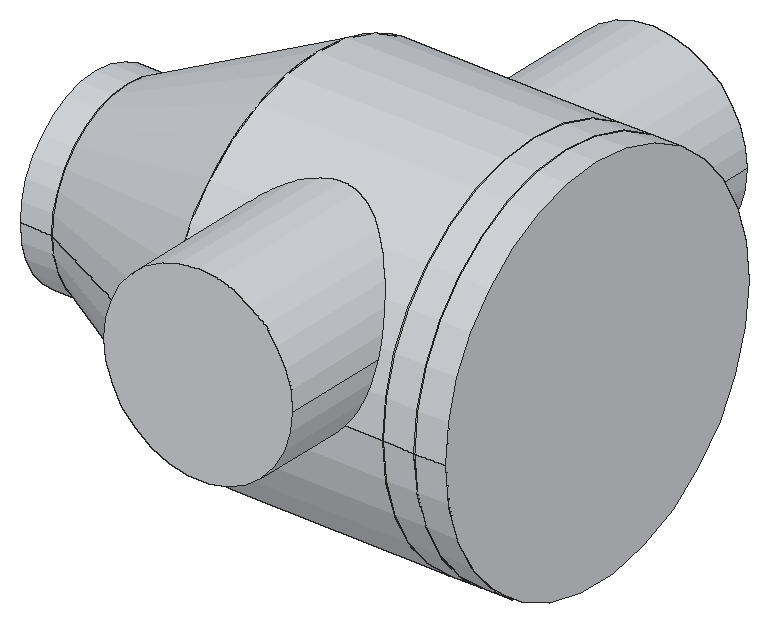
Revit family "M_Round Transition Lateral Cross - 180 Degree - DTL", category Duct Fittings, Revit 2014
Parameters (values of type "Standard")
  Tap 2 Visibility [instance] = not(Tap 2 Offset From Center = 0 mm)  # yes
  Tap 1 Visibility [instance] = not(Tap 1 Offset From Center = 0 mm)  # yes
  Length Out 1 [instance] = if(Length Out = 0 mm, 1 mm, Length Out)  # 300 mm
  Length In 1 [instance] = if(Length In = 0 mm, 1 mm, Length In)  # 50 mm
  Collar In 1 [instance] = if(Collar In = 0 mm, 1 mm, Collar In)  # 50 mm
  Collar Out 1 [instance] = if(Collar Out = 0 mm, 1 mm, Collar Out)  # 50 mm
  Reference [instance] = (Collar In 1 + Collar Out 1 + Length 14 + Length In 1 + Length Out 1) * 2  # 1590 mm
  Tap 2 Radius [instance] = 150 mm
  Tap 1 Radius [instance] = 150 mm
  Radius In [instance] = 300 mm
  Radius Out [instance] = 150 mm
  Offset 4 [instance] = Body Radius + Tap 2 Offset From Center  # 350 mm
  Offset 3 [instance] = Body Radius + Tap 1 Offset From Center  # 400 mm
  Tap 2 Offset From Center [instance] = 50 mm
  Tap 1 Offset From Center [instance] = 100 mm
  Length 9 Horizontal [instance] = if(Tap 2 Angle 1 = 90.00°, Length In 1 + Collar In 1 + abs(Tap 2 Radius / sin(Tap 2 Angle 1)) + Tap 2 Insert + Reference / 2, Length In + Collar In 1 + abs(Tap 2 Radius / sin(Tap 2 Angle 1)) + Tap 2 Insert + (Radius 1) / tan(Tap 2 Angle 1) + Reference / 2)  # 1067 mm
  Length 8 Horizontal [instance] = if(Tap 1 Angle 1 = 90.00°, Length In 1 + Collar In 1 + abs(Tap 1 Radius / sin(Tap 1 Angle 1)) + Tap 1 Insert + Reference / 2, Length In + Collar In 1 + abs(Tap 1 Radius / sin(Tap 1 Angle 1)) + Tap 1 Insert + (Radius 1) / tan(Tap 1 Angle 1) + Reference / 2)  # 1067 mm
  Length 9 [instance] = if(Tap 2 Angle 1 = 90.00°, Tap 2 Length + Length 10, Length 10 + Tap 2 Length + abs(Tap 2 Radius / tan(Tap 2 Angle 1)))  # 450 mm
  Length 8 [instance] = if(Tap 1 Angle 1 = 90.00°, Tap 1 Length + Length 11, Length 11 + Tap 1 Length + abs(Tap 1 Radius / tan(Tap 1 Angle 1)))  # 450 mm
  Collar Out [instance] = 50 mm
  Collar In [instance] = 50 mm
  Tap 1 Length [instance] = 150 mm
  Tap 2 Length [instance] = 150 mm
  Length In [instance] = 50 mm
  Length Out [instance] = 300 mm
  Length 14 [instance] = Body Length  # 345 mm
  Length 13 [instance] = if(Tap 2 Offset From Center = 0 mm, Radius 1 - 0.298 mm, Offset 4)  # 350 mm
  Length 12 [instance] = if(Tap 1 Offset From Center = 0 mm, 0.298 mm + Radius 1, Offset 3)  # 400 mm
  Length 11 [instance] = Radius 1 / sin(Tap 1 Angle 1)  # 300 mm
  Length 10 [instance] = Radius 1 / sin(Tap 2 Angle 1)  # 300 mm
  Body Length [instance] = 345 mm
  Tap 2 Insert [instance] = 22 mm
  Tap 1 Insert [instance] = 22 mm
  Tap 2 Diameter [instance] = Tap 2 Radius * 2  # 300 mm
  Tap 1 Diameter [instance] = Tap 1 Radius * 2  # 300 mm
  Diameter In [instance] = Radius In * 2  # 600 mm
  Diameter Out [instance] = Radius Out * 2  # 300 mm
  Radius 1 [instance] = if(and(Body Radius < Radius Out, Radius Out > Radius In), Radius Out, if(and(Body Radius < Radius In, Radius In > Radius Out), Radius In, Body Radius))  # 300 mm
  Body Radius [instance] = 300 mm
  Body Diameter [instance] = Body Radius * 2  # 600 mm
  Tap 2 Angle 1 [instance] = 90.00°
  Tap 1 Angle 1 [instance] = 90.00°
Reference planes
  plane 1 "Center (Front/Back)": y = 0
  plane 2: z = 0
  plane 3 "Center (Left/Right)": x = 0
  plane 4: x = -172.5
  plane 5: x = 172.5
  plane 6: x = -472.5
  plane 7: x = -522.5
  plane 8: x = 272.5
  plane 9: x = 222.5
  plane 10: x = 0.5
  plane 11: y = 300
  plane 12: y = -300
  plane 13: z = 50
  plane 14: z = 100
  plane 15: z = -300
  plane 16: x = 0.5
  plane 17: z = 100
  plane 18: z = 50
  plane 19: x = 1067.5
Forms (mm)
  SweptBlend 1, solid, detail levels medium+fine
    path in 3D
      loop
        line (-172.5, 0, 0) -> (-472.5, 0, 0)
    profile origin (-172.5, 0, 0) x (0, -1, 0) y (0, 0, 1)
      loop
        circle (0, 0) r 300
    end profile origin (-472.5, 0, 0) x (0, -1, 0) y (0, 0, 1)
      loop
        circle (0, 0) r 150
  SweptBlend 2, solid, detail levels medium+fine
    path in 3D
      loop
        line (172.5, 0, 0) -> (222.5, 0, 0)
    profile origin (172.5, 0, 0) x (0, 1, 0) y (0, 0, 1)
      loop
        circle (0, 0) r 300
    end profile origin (222.5, 0, 0) x (0, 1, 0) y (0, 0, 1)
      loop
        circle (0, 0) r 300
  Sweep 3, solid, detail levels medium+fine
    path in 3D
      loop
        line (-522.5, 0, 0) -> (-472.5, 0, 0)
    profile origin (-497.5, 0, 0) x (0, 1, 0) y (0, 0, 1)
      loop
        circle (0, 0) r 150
  Sweep 4, solid, detail levels medium+fine
    path in 3D
      loop
        line (222.5, 0, 0) -> (272.5, 0, 0)
    profile origin (247.5, 0, 0) x (0, 1, 0) y (0, 0, 1)
      loop
        circle (0, 0) r 300
  Sweep 5, solid, detail levels medium+fine
    path in 3D
      loop
        line (-172.5, 0, 0) -> (172.5, 0, 0)
    profile origin (0, 0, 0) x (0, 1, 0) y (0, 0, 1)
      loop
        circle (0, 0) r 300
  Sweep 6, solid, detail levels medium+fine
    path in 3D
      loop
        line (0.5, 0, 0) -> (0.5, -450, 0)
    profile origin (0.5, -225, 0) x (1, 0, 0) y (0, 0, 1)
      loop
        circle (0, 100) r 150
  Sweep 7, solid, not visible
    path in 3D
      loop
        line (0.5, 0, 0) -> (0.5, -450, 0)
    profile origin (0.5, -225, 0) x (1, 0, 0) y (0, 0, 1)
      loop
        line (0, 250) -> (0, 100) -> (150, 100)
        arc (150, 100) -> (106.066, 206.066) -> (0, 250) r 150
  Sweep 8, solid, detail levels medium+fine
    path in 3D
      loop
        line (0.5, 0, 0) -> (0.5, 450, 0)
    profile origin (0.5, 225, 0) x (-1, 0, 0) y (0, 0, 1)
      loop
        circle (0, 50) r 150
  Sweep 9, solid, not visible
    path in 3D
      loop
        line (0.5, 0, 0) -> (0.5, 450, 0)
    profile origin (0.5, 225, 0) x (-1, 0, 0) y (0, 0, 1)
      loop
        arc (0, 200) -> (-106.066, 156.066) -> (-150, 50) r 150
        line (-150, 50) -> (0, 50) -> (0, 200)
Cuts and joins
  joined: Sweep 5, Sweep 6, Sweep 8
Lines and regions (mm)
  model lines, detail levels coarse
    curve 1: line (-172.5, 0, 0) -> (172.5, 0, 0)
    curve 2: line (-172.5, 0, 0) -> (-472.5, 0, 0)
    curve 3: line (172.5, 0, 0) -> (222.5, 0, 0)
    curve 6: line (-522.5, 0, 0) -> (-472.5, 0, 0)
    curve 8: line (222.5, 0, 0) -> (272.5, 0, 0)
    curve 14: line (0.5, 0, 100) -> (0.5, -450, 100)
    curve 20: line (0.5, 450, 50) -> (0.5, 0, 50)
  sketch lines
    curve 4: line (-172.5, 0, 0) -> (-472.5, 0, 0)
    curve 5: line (172.5, 0, 0) -> (222.5, 0, 0)
    curve 7: line (-522.5, 0, 0) -> (-472.5, 0, 0)
    curve 9: line (222.5, 0, 0) -> (272.5, 0, 0)
    curve 10: line (-172.5, 0, 0) -> (172.5, 0, 0)
    curve 12: line (0.5, 0, 0) -> (0.5, -450, 0)
    curve 13: line (0.5, 0, 0) -> (0.5, -450, 0)
    curve 18: line (0.5, 0, 0) -> (0.5, 450, 0)
    curve 19: line (0.5, 0, 0) -> (0.5, 450, 0)
  reference lines
    curve 11: line (0.5, 0, 0) -> (0.5, -450, 0)
    curve 17: line (0.5, 0, 0) -> (0.5, 450, 0)
  model lines, visible <- "Tap 1 Visibility", detail levels coarse
    curve 15: line (0.5, 0, 100) -> (0.5, 0, 0)
  model lines, visible <- "Tap 2 Visibility", detail levels coarse
    curve 16: line (0.5, 0, 50) -> (0.5, 0, 0)
Dimensions and locks
  equal spacing: plane 4, plane 3 "Center (Left/Right)", plane 5
  "Length 14": plane 4 to plane 5
  "Length Out 1": plane 6 to plane 4
  "Length In 1": plane 5 to plane 9
  "Body Radius": plane 11 to plane 1 "Center (Front/Back)"
  "Body Radius": plane 12 to plane 1 "Center (Front/Back)"
  "Body Radius": plane 2 to plane 15
  "Offset 4": plane 13 to plane 15
  "Offset 3": plane 14 to plane 15
  "Length 8": curve 11 to curve 11
  "Length 12": plane 17 to plane 15
  "Length 13": plane 18 to plane 15
  "Length 9": curve 17 to curve 17
  "Reference": plane 7 to plane 19
  "Length 8 Horizontal": plane 16 to plane 19
  "Length 9 Horizontal": plane 10 to plane 19
  "Collar Out 1": plane 7 to plane 6
  "Collar In 1": plane 9 to plane 8
  "Radius 1": radius of SweptBlend 1 sketch curve
  "Radius Out": radius of SweptBlend 1 sketch curve
  "Radius 1": radius of SweptBlend 2 sketch curve
  "Radius In": radius of SweptBlend 2 sketch curve
  "Radius Out": radius of Sweep 3 sketch curve
  "Radius In": radius of Sweep 4 sketch curve
  "Radius 1": radius of Sweep 5 sketch curve
  "Tap 1 Radius": radius of Sweep 6 sketch curve
  "Tap 1 Radius": radius of Sweep 7 sketch curve
  "Tap 2 Radius": radius of Sweep 8 sketch curve
  "Tap 2 Radius": radius of Sweep 9 sketch curve
  "Tap 1 Angle 1": angle curve 11 to plane 1 "Center (Front/Back)"
  "Tap 2 Angle 1": angle plane 1 "Center (Front/Back)" to curve 17
  aligned and locked: plane 1 "Center (Front/Back)" to curve 1
  aligned and locked: plane 5 to curve 1
  aligned and locked: plane 2 to SweptBlend 1 sketch curve  (x2)
  aligned and locked: plane 1 "Center (Front/Back)" to SweptBlend 1 sketch curve  (x2)
  aligned and locked: plane 1 "Center (Front/Back)" to SweptBlend 2 sketch curve  (x2)
  aligned and locked: plane 2 to SweptBlend 2 sketch curve  (x2)
  aligned and locked: plane 1 "Center (Front/Back)" to curve 6
  aligned and locked: plane 7 to curve 6
  aligned and locked: plane 1 "Center (Front/Back)" to Sweep 3 sketch curve
  aligned and locked: plane 2 to Sweep 3 sketch curve
  aligned and locked: plane 8 to curve 8
  aligned and locked: plane 1 "Center (Front/Back)" to Sweep 4 sketch curve
  aligned and locked: plane 2 to Sweep 4 sketch curve
  aligned and locked: plane 2 to Sweep 5 sketch curve
  aligned and locked: plane 1 "Center (Front/Back)" to Sweep 5 sketch curve
  aligned and locked: plane 1 "Center (Front/Back)" to curve 11
  aligned and locked: plane 14 to Sweep 6 sketch curve
  aligned and locked: plane 14 to Sweep 7 sketch curve
  aligned and locked: plane 17 to curve 15
  aligned and locked: plane 18 to curve 16
  aligned and locked: plane 1 "Center (Front/Back)" to curve 17
  aligned and locked: plane 10 to curve 17
  aligned and locked: plane 13 to Sweep 8 sketch curve
  aligned and locked: plane 13 to Sweep 9 sketch curve
  aligned and locked: plane 9 to curve 8
  aligned and locked: plane 6 to curve 6
Automatic sketch dimensions
  Sweep 6 sketch curve to profile plane = 0 mm
  Sweep 7 sketch curve to profile plane = 0 mm
  Sweep 7 sketch curve to Sweep 7 sketch curve = 0 mm
  curve 14 to Sweep 7 = 0 mm  (x3)
  curve 15 to level = 0 mm
  curve 15 to plane 1 "Center (Front/Back)" = 0 mm
  plane 14 to curve 15 = 0 mm
  curve 16 to level = 0 mm
  curve 16 to plane 1 "Center (Front/Back)" = 0 mm
  curve 16 to plane 13 = 0 mm
  curve 11 to plane 16 = 0 mm
  Sweep 8 sketch curve to profile plane = 0 mm
  Sweep 9 sketch curve to profile plane = 0 mm
  curve 20 to Sweep 9 = 0 mm  (x3)
  curve 2 to plane 4 = 0 mm
Connectors
  hvac at (-522.5, 0, 0), driven by "Radius Out"
    settings: on Sweep 3, index 1, duct flow 0.0 L/s, flow factor 0, pres drop 0.0 Pa, loss coef 0, conn angle 0.00°, conn width 304.8 mm, conn height 304.8 mm, conn diameter 300 mm, duct sys type 28, conn prof type 0, flow config 0, flow direction 0, loss method 0, conn ref index 2, conn util no, is conn primary yes, conn desc ""
  hvac at (272.5, 0, 0), driven by "Radius In"
    settings: on Sweep 4, index 2, duct flow 0.0 L/s, flow factor 0, pres drop 0.0 Pa, loss coef 0, conn angle 0.00°, conn width 304.8 mm, conn height 304.8 mm, conn diameter 600 mm, duct sys type 28, conn prof type 0, flow config 0, flow direction 0, loss method 0, conn ref index 1, conn util no, is conn primary no, conn desc ""
  hvac at (0.5, -450, 100), driven by "Tap 1 Angle 1", driven by "Tap 1 Radius"
    settings: on cut or joined group of Sweep 5, Sweep 6, Sweep 8, index 3, duct flow 0.0 L/s, flow factor 0, pres drop 0.0 Pa, loss coef 0, conn angle 90.00°, conn width 304.8 mm, conn height 304.8 mm, conn diameter 300 mm, duct sys type 28, conn prof type 0, flow config 0, flow direction 0, loss method 0, conn ref index 4, conn util no, is conn primary no, conn desc ""
  hvac at (0.5, 450, 50), driven by "Tap 2 Angle 1", driven by "Tap 2 Radius"
    settings: on cut or joined group of Sweep 5, Sweep 6, Sweep 8, index 4, duct flow 0.0 L/s, flow factor 0, pres drop 0.0 Pa, loss coef 0, conn angle 90.00°, conn width 304.8 mm, conn height 304.8 mm, conn diameter 300 mm, duct sys type 28, conn prof type 0, flow config 0, flow direction 0, loss method 0, conn ref index 3, conn util no, is conn primary no, conn desc ""
